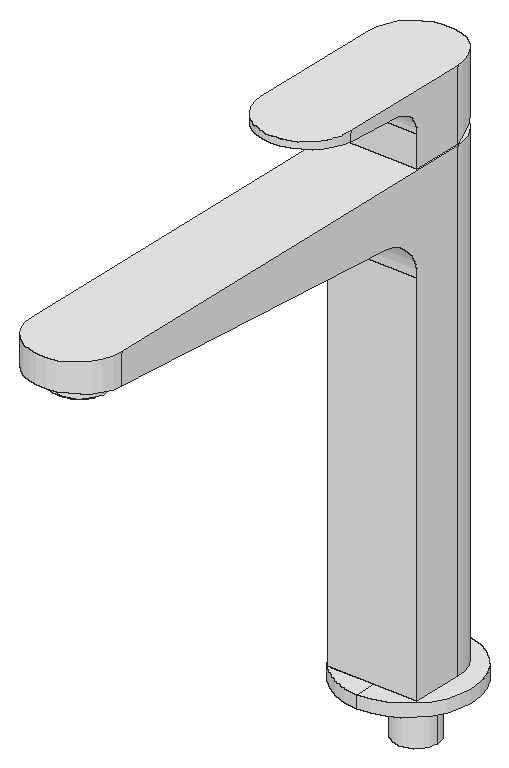
Revit family "Mixer-Sink-Caroma Track", category Plumbing Fixtures, host Face, Revit 2014
Parameters (values of type "Standard")
  Width_ANZRS = 246 mm  # constant formula
  Waste Connection = no
  WELSRating_ANZRS = "WELS 4 Star rated, 7.5L/min"  # constant formula
  Vent Connection = no
  URL = "http://specify.caroma.com.au/products/mixer-taps/track/track-sink-mixer"
  Type Comments = "Caroma Track SInk Mixer"  # constant formula
  ModifiedIssue_ANZRS = 20150112.01  # constant formula
  Model = "90202C4A"  # constant formula
  Material_ANZRS = Metal-Chrome-Caroma
  Manufacturer = "GWA Bathrooms & Kitchens"  # constant formula
  Length_ANZRS = 60 mm  # constant formula
  Height_ANZRS = 264 mm  # constant formula
  HWFU = 1.98  # constant formula
  HW Connection = yes
  Description = "Track mixers and showers from Australia's leading bathroom brand will lift the feel of any bathroom. Choose the clean, contemporary European design without the European price."  # constant formula
  Default Elevation = 0 mm
  CreatedBy_ANZRS = "Design Content"  # constant formula
  CreatedByURL_ANZRS = "http://www.designcontent.com.au"
  Cost = 0
  Connector Radius = 10 mm  # constant formula
  CWFU = 1.98  # constant formula
  CW Connection = yes
  Assembly Code = "D2020300"
Reference planes
  plane 1 "Center (Front/Back)": y = 0
  plane 2: z = 0
  plane 3 "Center (Left/Right)": x = 0
Forms (mm)
  Extrusion 1, solid, material "Metal-Chrome-Caroma" <- "Material_ANZRS"
    sketch origin (14.142, 0, 0) x (1, 0, 0) y (0, 1, 0)
      loop
        circle (-7.071, -7.071) r 10
    from -20 to 0
  Extrusion 2, solid, material "Metal-Chrome-Caroma" <- "Material_ANZRS"
    sketch origin (-14.142, 0, 0) x (-1, 0, 0) y (0, -1, 0)
      loop
        circle (-7.071, -7.071) r 10
    from -20 to 0
  Revolve 3, solid, material "Metal-Chrome-Caroma" <- "Material_ANZRS", detail levels fine
    sketch origin (0, 5.479, 33.465) x (0, 1, 0) y (0, 0, 1)
      loop
        line (-30.62, 213.025) -> (-29.483, 213.025) -> (-29.483, 216.717)
        arc (-29.483, 216.717) -> (-29.837, 216.491) -> (-30.064, 216.138) r 0.975
        arc (-30.064, 216.138) -> (-30.48, 214.606) -> (-30.62, 213.025) r 8.996
      axis (-29.483, 213.025) -> (-30.62, 213.025)
    angle from 0 to 360
  Extrusion 4, void
    sketch origin (0, 0, -1.5) x (0, 1, 0) y (0, 0, 1)
      loop
        line (-24, 230.001) -> (-24, 247.678)
        arc (-24, 247.678) -> (-27.224, 255.862) -> (-35.163, 259.649) r 12
        line (-35.163, 259.649) -> (-88.224, 263.359) -> (-88.224, 230.001) -> (-24, 230.001)
      loop
        line (24.828, 244.578) -> (-2.349, 231.905) -> (24.828, 231.905) -> (24.828, 244.578)
    from -50 to 50
  Extrusion 5, solid, material "Metal-Chrome-Caroma" <- "Material_ANZRS"
    sketch origin (0, 0, 0) x (1, 0, 0) y (0, 1, 0)
      loop
        arc (21, 0) -> (0, 21) -> (-21, 0) r 21
        line (-21, 0) -> (-21, -197.995)
        arc (-21, -197.995) -> (0, -218.995) -> (21, -197.995) r 21
        line (21, -197.995) -> (21, 0)
    from 6.61 to 230.6
  Revolve 6, solid, material "Metal-Chrome-Caroma" <- "Material_ANZRS"
    sketch origin (0, 0, 100.6) x (0, 1, 0) y (0, 0, 1)
      loop
        line (0, 130) -> (18.466, 130)
        arc (18.466, 130) -> (17.497, 135.241) -> (15.097, 140) r 18.814
        line (15.097, 140) -> (0, 140) -> (0, 130)
      axis (0, 130) -> (0, 140)
    angle from 0 to 360
  Extrusion 7, solid, material "Metal-Chrome-Caroma" <- "Material_ANZRS"
    sketch origin (0, 0, 0) x (1, 0, 0) y (0, 1, 0)
      loop
        arc (-21, -63.001) -> (0, -84.001) -> (21, -63.001) r 21
        line (21, -63.001) -> (21, 0)
        arc (21, 0) -> (0, 21) -> (-21, 0) r 21
        line (-21, 0) -> (-21, -63.001)
    from 231.5 to 264.5
  Extrusion 8, void
    sketch origin (0, 0, 0) x (0, 1, 0) y (0, 0, 1)
      loop
        line (-24, -2.818) -> (-24, 185.314)
        arc (-24, 185.314) -> (-29.373, 198.954) -> (-42.605, 205.266) r 20
        line (-42.605, 205.266) -> (-224, 217.95) -> (-224, -2.818) -> (-24, -2.818)
    from -50 to 50
  Revolve 9, solid, material "Metal-Chrome-Caroma" <- "Material_ANZRS"
    sketch origin (0, 0, 0) x (0, 1, 0) y (0, 0, 1)
      loop
        line (-197.518, 208.58) -> (-186.547, 207.813) -> (-185.507, 208.366) -> (-185.027, 215.225) -> (-196.995, 216.062) -> (-197.518, 208.58)
      axis (-197.518, 208.58) -> (-196.995, 216.062)
    angle from 0 to 360
  Revolve 10, solid, material "Metal-Chrome-Caroma" <- "Material_ANZRS"
    sketch origin (0, 0, 0) x (0, 1, 0) y (0, 0, 1)
      loop
        line (27.005, 6) -> (-2.995, 6) -> (-2.995, 0) -> (27.005, 0) -> (27.005, 6)
      axis (-2.995, 0) -> (-2.995, 6)
    angle from 0 to 360
  Extrusion 11, solid, material "Metal-Chrome-Caroma" <- "Material_ANZRS"
    sketch origin (0, 0, 0) x (1, 0, 0) y (0, 1, 0)
      loop
        line (-20, 0) -> (-20, -23) -> (20, -23) -> (20, 0)
        arc (20, 0) -> (0, 20) -> (-20, 0) r 20
    from 0 to 6.61
Cuts and joins
  Extrusion 8 cuts Extrusion 5
  Extrusion 4 cuts Extrusion 7
  joined: Extrusion 5, Revolve 6, Extrusion 7, Revolve 9, Revolve 10, Extrusion 11
Lines and regions (mm)
  Masking region 1
    outline origin (0, 0, 0) x (0, 1, 0) y (0, 0, 1)
      loop
        line (21, 6) -> (21, 230.6) -> (18.466, 230.6)
        arc (18.466, 230.6) -> (17.839, 234.96) -> (16.096, 239.006) r 16.745
        line (16.096, 239.006) -> (21, 241.292) -> (21, 264.5) -> (-84.001, 264.5) -> (-84.001, 261.564) -> (-35.163, 258.149)
        arc (-35.163, 258.149) -> (-27.224, 254.362) -> (-24, 246.178) r 12
        line (-24, 246.178) -> (-24, 231.5) -> (-18.432, 231.5)
        arc (-18.432, 231.5) -> (-18.455, 231.05) -> (-18.466, 230.6) r 16.745
        line (-18.466, 230.6) -> (-218.995, 230.6) -> (-218.995, 217.6) -> (-208.962, 216.898) -> (-209.442, 210.039) -> (-208.489, 209.347) -> (-186.547, 207.813) -> (-185.507, 208.366) -> (-185.027, 215.225) -> (-42.605, 205.266)
        arc (-42.605, 205.266) -> (-29.373, 198.954) -> (-24, 185.314) r 20
        line (-24, 185.314) -> (-24, 6) -> (-32.995, 6) -> (-32.995, 0) -> (27.005, 0) -> (27.005, 6) -> (21, 6)
  Masking region 2
    outline origin (0, 0, 0) x (1, 0, 0) y (0, 0, 1)
      loop
        line (-21, 6) -> (-30, 6) -> (-30, 0) -> (30, 0) -> (30, 6) -> (21, 6) -> (21, 230.6) -> (18.466, 230.6)
        arc (18.466, 230.6) -> (18.44, 231.05) -> (18.406, 231.5) r 28.331
        line (18.406, 231.5) -> (21, 231.5) -> (21, 264.5) -> (-21, 264.5) -> (-21, 231.5) -> (-18.406, 231.5)
        arc (-18.406, 231.5) -> (-18.44, 231.05) -> (-18.466, 230.6) r 28.331
        line (-18.466, 230.6) -> (-21, 230.6) -> (-21, 6)
  Masking region 3
    outline origin (0, 0, 0) x (1, 0, 0) y (0, 1, 0)
      loop
        line (-21, -24.419) -> (-21, -197.995)
        arc (-21, -197.995) -> (0, -218.995) -> (21, -197.995) r 21
        line (21, -197.995) -> (21, -24.419)
        arc (21, -24.419) -> (0, 27.005) -> (-21, -24.419) r 30
  symbolic lines, style "Taps/Mixers"
    curve 1: line (0, -24, 231.5) -> (0, 0, 231.5)
    curve 2: line (0, 20.847, 241.221) -> (0, 0, 231.5)
    curve 3: line (0, -24, 231.5) -> (0, -24, 246.178)
    curve 4: line (0, 18.466, 230.6) -> (0, -18.466, 230.6)
    curve 5: line (-21, 0, 230.6) -> (21, 0, 230.6)
    curve 6: line (-21, 0, 231.5) -> (21, 0, 231.5)
    curve 7: arc (0, 0, 250.191) -> (-3.691, 0, 246.5) -> (0, 0, 242.809) r 3.691
    curve 8: arc (0, 0, 242.809) -> (3.691, 0, 246.5) -> (0, 0, 250.191) r 3.691
    curve 9: spline (20.993, 0, 260.096) -> (20.289, 0, 260.475) -> (18.198, 0, 260.829) -> (14.863, 0, 261.133) -> (10.512, 0, 261.367) -> (5.442, 0, 261.514) -> (0, 0, 261.564) -> (-5.442, 0, 261.514) -> (-10.512, 0, 261.367) -> (-14.863, 0, 261.133) -> (-18.198, 0, 260.829) -> (-20.289, 0, 260.475) -> (-20.993, 0, 260.096)
    curve 10: arc (-21, -63.001, 0) -> (0, -84.001, 0) -> (21, -63.001, 0) r 21
    curve 11: arc (21, 0, 0) -> (0, 21, 0) -> (-21, 0, 0) r 21
    curve 12: line (-21, -24, 0) -> (-21, 0, 0)
    curve 13: line (21, 0, 0) -> (21, -24.419, 0)
    curve 14: spline (-20.993, 0, 216.132) -> (-20.289, 0, 216.511) -> (-18.198, 0, 216.865) -> (-14.863, 0, 217.169) -> (-10.512, 0, 217.403) -> (-5.442, 0, 217.55) -> (0, 0, 217.6) -> (5.442, 0, 217.55) -> (10.512, 0, 217.403) -> (14.863, 0, 217.169) -> (18.198, 0, 216.865) -> (20.289, 0, 216.511) -> (20.993, 0, 216.132)
    curve 15: spline (-10.998, 0, 208.58) -> (-10.623, 0, 208.381) -> (-9.524, 0, 208.196) -> (-7.777, 0, 208.037) -> (-5.499, 0, 207.915) -> (-2.846, 0, 207.839) -> (0, 0, 207.813) -> (2.846, 0, 207.839) -> (5.499, 0, 207.915) -> (7.777, 0, 208.037) -> (9.524, 0, 208.196) -> (10.623, 0, 208.381) -> (10.998, 0, 208.58) -> (10.623, 0, 208.778) -> (9.524, 0, 208.963) -> (7.777, 0, 209.122) -> (5.499, 0, 209.244) -> (2.846, 0, 209.321) -> (0, 0, 209.347) -> (-2.846, 0, 209.321) -> (-5.499, 0, 209.244) -> (-7.777, 0, 209.122) -> (-9.524, 0, 208.963) -> (-10.623, 0, 208.778) -> (-10.998, 0, 208.58)
    curve 16: spline (11.91, 0, 209.102) -> (11.84, 0, 209.337) -> (10.837, 0, 209.562) -> (8.978, 0, 209.758) -> (6.41, 0, 209.91) -> (3.337, 0, 210.006) -> (0, 0, 210.039) -> (-3.337, 0, 210.006) -> (-6.41, 0, 209.91) -> (-8.978, 0, 209.758) -> (-10.837, 0, 209.562) -> (-11.84, 0, 209.337) -> (-11.91, 0, 209.102)
    curve 17: line (10.952, 0, 208.51) -> (11.91, 0, 209.102)
    curve 18: line (-10.952, 0, 208.51) -> (-11.91, 0, 209.102)
    curve 19: spline (-11.997, 0, 216.062) -> (-11.588, 0, 216.278) -> (-10.389, 0, 216.48) -> (-8.483, 0, 216.653) -> (-5.998, 0, 216.786) -> (-3.105, 0, 216.87) -> (0, 0, 216.898) -> (3.105, 0, 216.87) -> (5.998, 0, 216.786) -> (8.483, 0, 216.653) -> (10.389, 0, 216.48) -> (11.588, 0, 216.278) -> (11.997, 0, 216.062)
    curve 20: line (-11.997, 0, 216.062) -> (-11.997, 0, 209.203)
    curve 21: line (11.997, 0, 216.062) -> (11.997, 0, 209.203)
    curve 22: line (-21, 0, 6) -> (21, 0, 6)
    curve 23: line (0, -42.605, 205.266) -> (0, -218.842, 217.589)
    curve 24: line (0, -209.442, 210.039) -> (0, -185.507, 208.366)
    curve 25: line (0, 21, 6) -> (0, -24, 6)
Dimensions and locks
  aligned and locked: plane 2 to host face
  aligned and locked: level to host face
Connectors
  piping at (7.071, -7.071, -20), diameter 20, driven by "Connector Radius", driven by "CWFU"
    settings: on Extrusion 1, index 5, connector inside diameter 0.7874", connector length 0 mm, flow factor 0, pipe flow 0 GPM, pressure drop 0.00 psi, fitting loss kfactor 0, connector angle 0.00°, fixture units 1.98, engagement length 0 mm, angle of deflection 0.00°, flow configuration 3, flow direction 1, fitting loss method 101, system type 20, joint type 0, gender type 0, connector reference index -1, connector utility 0, adjustable connector no, is connector primary yes, connector description ""
  piping at (-7.071, 7.071, -20), diameter 20, driven by "Connector Radius", driven by "HWFU"
    settings: on Extrusion 2, index 6, connector inside diameter 0.7874", connector length 0 mm, flow factor 0, pipe flow 0 GPM, pressure drop 0.00 psi, fitting loss kfactor 0, connector angle 0.00°, fixture units 1.98, engagement length 0 mm, angle of deflection 0.00°, flow configuration 3, flow direction 1, fitting loss method 101, system type 19, joint type 0, gender type 0, connector reference index -1, connector utility 0, adjustable connector no, is connector primary no, connector description ""
